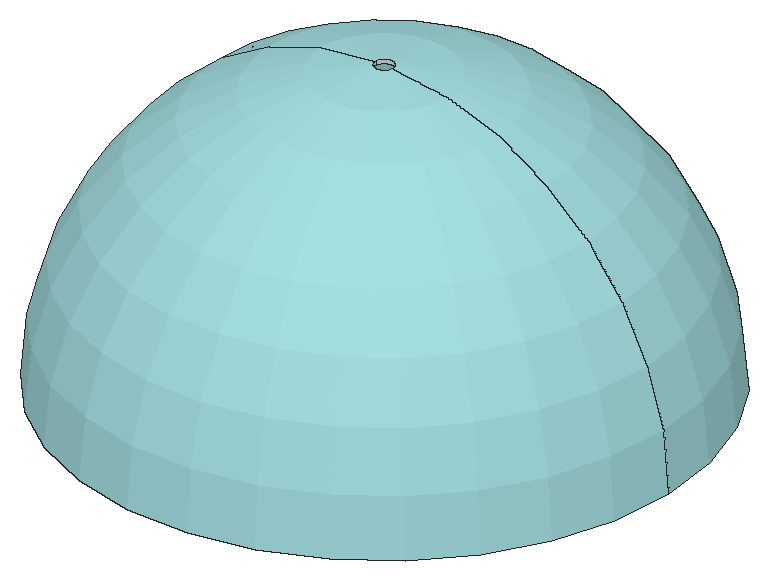
Revit family "HD16 SHADE", category Lighting Fixtures, Revit 2024
Family settings
  Round Connector Dimension = Use Diameter
  Part Type = Normal
  OmniClass Number = 23.80.70.00
  OmniClass Title = Lighting
  Work Plane-Based = No
  Always vertical = Yes
  Cut with Voids When Loaded = No
  Light Source = Yes
  Maintain Annotation Orientation = No
  Shared = No
  Room Calculation Point = No
Parameters
  Wattage = 12.1178 W
  built-in parameter 1150110 = 1 (stored number, unit not read)
  built-in parameter 1114217 = 1 (stored number, unit not read)
  built-in parameter 1150109 = 1 (stored number, unit not read)
  built-in parameter 1150134 = (empty or 0)
  built-in parameter 1150113 = 1 (stored number, unit not read)
  Lumens = 1800 lm
  built-in parameter 1150115 = 1 (stored number, unit not read)
  built-in parameter 1150105 = 572.96 (stored number, unit not read)
  Light Source Symbol Size = 2' - 0"
  built-in parameter 1150137 = (empty or 0)
  built-in parameter 1150139 = (empty or 0)
  built-in parameter 1150112 = 1 (stored number, unit not read)
  built-in parameter 1150114 = 1 (stored number, unit not read)
  built-in parameter 1150132 = 2
  built-in parameter 1150102 = (empty or 0)
  built-in parameter 1150138 = (empty or 0)
  built-in parameter 1150107 = 3000 (stored number, unit not read)
  built-in parameter 1150106 = 5.7296 (stored number, unit not read)
  built-in parameter 1150104 = 13.8 (stored number, unit not read)
  Dimming Lamp Color Temperature Shift = (empty or 0)
  Default Elevation = 0' - 0"
  Color Filter = 16777215
  built-in parameter 1114218 = 1 (stored number, unit not read)
  built-in parameter 1150133 = 10 (stored number, unit not read)
Reference planes (in)
  plane 1 "Light Source Axis (F/B)": y = 0
  plane 2: z = 0
  plane 3 "Light Source Axis (L/R)": x = 0
  plane 4 "Light Source Elevation": z = 54
Forms (in)
  Revolve 1, solid
    sketch origin (0, 0, 0) x (1, 0, 0) y (0, 0, 1)
      loop
        arc (-0.25, 61.99609) -> (-5.74456, 59.56776) -> (-8, 54) r 8
        line (-8, 54) -> (-7.90625, 54)
        arc (-7.90625, 54) -> (-5.67826, 59.50146) -> (-0.25, 61.9023) r 7.90625
        line (-0.25, 61.9023) -> (-0.25, 61.99609)
      axis (0, 61.99609) -> (0, 54)
    angle from 0 to 360
Dimensions and locks (in)
  aligned and locked: plane 3 "Light Source Axis (L/R)" to imposter light
  aligned and locked: plane 1 "Light Source Axis (F/B)" to imposter light
  aligned and locked: plane 4 "Light Source Elevation" to imposter light
  aligned and locked: level to plane 2
